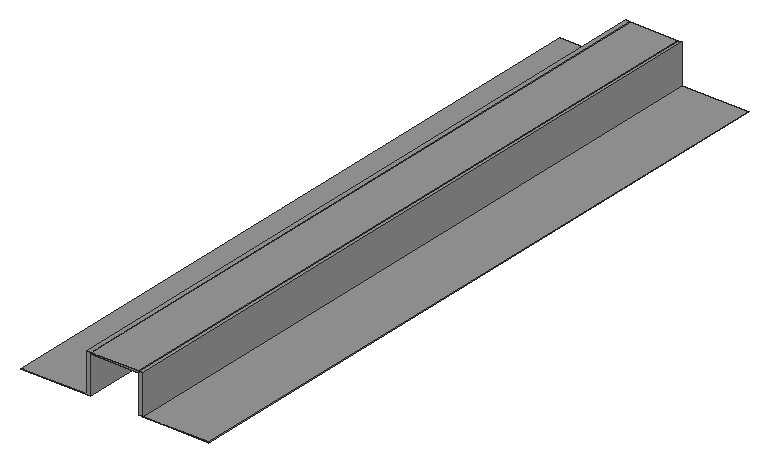
Revit family "OKA-G Installationkanal mit Gewebe_blind_rastend_Höhe 40-140mm", category Generic Models, Revit 2015
Parameters (values of type "OKA-G20040140R")
  Width = 200 mm
  URL = "http://www.obo-bettermann.com"
  Material = Steel, Galvanized
  Manufacturer Art. No. = "7424040"
  Manufacturer = "OBO Bettermann"
  Length [instance] = 2400 mm
  Height [instance] = 140 mm
  GTIN = "4012195243106"
  Article Type = "OKA-G20040140R"
Types (6, lengths in mm): name | Width | Manufacturer Art. No. | GTIN | Article Type
  (no name) | 200 | "7424040" | "4012195243106" | "OKA-G20040140R"
  OKA-G20040140R | 200 | "7424040" | "4012195243106" | "OKA-G20040140R"
  OKA-G30040140R | 300 | "7424042" | "4012195243120" | "OKA-G30040140R"
  OKA-G40040140R | 400 | "7424044" | "4012195243168" | "OKA-G40040140R"
  OKA-G50040140R | 500 | "7424046" | "4012195243175" | "OKA-G50040140R"
  OKA-G60040140R | 600 | "7424048" | "4012195243182" | "OKA-G60040140R"
Reference planes
  plane 1 "Center (Front/Back)": y = 0
  plane 2: z = 0
  plane 3 "Center (Left/Right)": x = 0
  plane 4: z = 140
  plane 5: y = -2400
  plane 6: x = 100
  plane 7: x = -100
Forms (mm)
  Extrusion 1, solid, material "Aluminum 6061"
    sketch origin (0, 0, 0) x (1, 0, 0) y (0, 0, 1)
      loop
        line (85, 140) -> (85, 0) -> (335, 0) -> (335, 1) -> (100, 1) -> (100, 140) -> (85, 140)
      loop
        line (-100, 1) -> (-335, 1) -> (-335, 0) -> (-85, 0) -> (-85, 140) -> (-100, 140) -> (-100, 1)
    from 0 to 2400
  Extrusion 2, solid, material "Steel, Galvanized" <- "Material"
    sketch origin (0, 0, 0) x (1, 0, 0) y (0, 0, 1)
      loop
        line (85, 136) -> (85, 140) -> (-85, 140) -> (-85, 136) -> (85, 136)
    from 0 to 2400
Lines and regions (mm)
  model lines
    curve 1: line (-100, 0, 140) -> (-85, 0, 140)
    curve 2: line (-85, 0, 140) -> (-85, 0, 0)
    curve 3: line (-85, 0, 0) -> (-335, 0, 0)
    curve 4: line (-335, 0, 0) -> (-335, 0, 1)
    curve 5: line (-335, 0, 1) -> (-100, 0, 1)
    curve 6: line (-100, 0, 1) -> (-100, 0, 140)
    curve 7: line (85, 0, 140) -> (85, 0, 0)
    curve 8: line (85, 0, 0) -> (335, 0, 0)
    curve 9: line (335, 0, 0) -> (335, 0, 1)
    curve 10: line (335, 0, 1) -> (100, 0, 1)
    curve 11: line (100, 0, 1) -> (100, 0, 140)
    curve 12: line (100, 0, 140) -> (85, 0, 140)
    curve 13: line (85, 0, 140) -> (85, 0, 0)
    curve 14: line (-85, 0, 0) -> (-85, 0, 140)
    curve 15: line (-85, 0, 140) -> (85, 0, 140)
    curve 16: line (-85, 0, 136) -> (85, 0, 136)
Dimensions and locks
  locked: curve 5 to curve 3 at 1
  locked: curve 2 to curve 6 at 15
  locked: curve 10 to curve 8 at 1
  locked: curve 2 to curve 4 at 250
  locked: curve 9 to curve 7 at 250
  locked: curve 11 to curve 7 at 15
  "Length": plane 1 "Center (Front/Back)" to plane 5
  equal spacing: plane 7, plane 3 "Center (Left/Right)", plane 6
  "Width": plane 7 to plane 6
  "Height": level to plane 4
  locked: curve 16 to curve 15 at 4
  aligned and locked: level to plane 2
  aligned and locked: level to curve 3
  aligned and locked: curve 6 to plane 7
  aligned and locked: curve 11 to plane 6
  aligned and locked: plane 4 to curve 1
  aligned and locked: curve 8 to level
  aligned and locked: Extrusion 1 sketch curve to curve 13
  aligned and locked: Extrusion 1 sketch curve to curve 12
  aligned and locked: Extrusion 1 sketch curve to curve 11
  aligned and locked: Extrusion 1 sketch curve to curve 10
  aligned and locked: Extrusion 1 sketch curve to curve 9
  aligned and locked: Extrusion 1 sketch curve to curve 8
  aligned and locked: Extrusion 1 sketch curve to curve 6
  aligned and locked: Extrusion 1 sketch curve to curve 14
  aligned and locked: Extrusion 1 sketch curve to curve 1
  aligned and locked: Extrusion 1 sketch curve to curve 5
  aligned and locked: Extrusion 1 sketch curve to curve 3
  aligned and locked: Extrusion 1 sketch curve to curve 4
  aligned and locked: Extrusion 1 to plane 5
  aligned and locked: Extrusion 2 sketch curve to curve 16
  aligned and locked: Extrusion 2 sketch curve to curve 15
  aligned and locked: Extrusion 2 sketch curve to curve 2
  aligned and locked: Extrusion 2 sketch curve to curve 7
  aligned and locked: Extrusion 2 to plane 5
